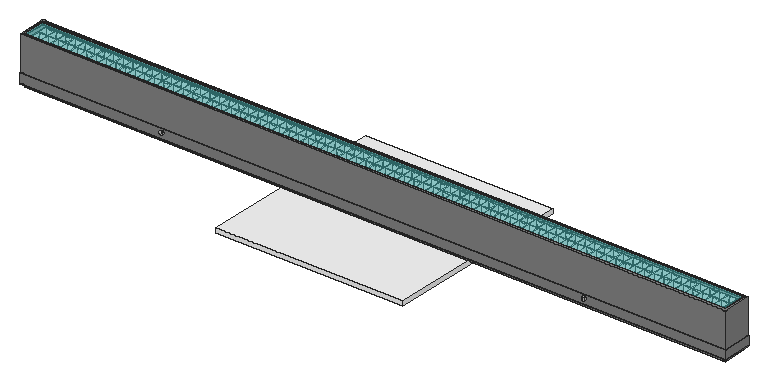
Revit family "BE_24311_de_DE", category Leuchten, Revit 2015
Parameters (values of type "BEGA_24311_Grafit_K4")
  built-in parameter 1150104 = 16.606 (stored number, unit not read)
  Wattage = 48 W
  Default Elevation = 0 mm
  built-in parameter 1150113 = 1 (stored number, unit not read)
  built-in parameter 1114218 = 1 (stored number, unit not read)
  Umgebungstemperatur = "25 °C"
  URL = "http://www.bega.de/produkt/24311"
  Typenkommentare = "© 2017 BEGA. Wir behalten uns das Recht vor, technische Änderungen ohne vorherige Ankündigung vorzunehmen."  # constant formula
  Type Image = 24311.png
  built-in parameter 1150134 = 12
  built-in parameter 1150109 = 1 (stored number, unit not read)
  Strom = ""
  built-in parameter 1150110 = 1 (stored number, unit not read)
  Spannung = 239.996 V
  Sonderanfertigung = no
  Seriennummer [instance] = "Hier können Sie die eindeutige Seriennummer für das Facility Management eintragen."
  Schutzklasse = "I"
  Schutzart = "IP 65"
  Scheinlast = 0 VA
  Produktdatenblatt = "http://www.bega.de/download/Xrfa/db/24311.db.de.pdf"
  Oberflächentemperatur = ""
  Neigungswinkel = 0.00°
  Modell = "24311K4"
  Material_17 = BEGA_Reflektor
  Material_15 = BEGA_Leuchtmedium_matt
  Material_11 = BEGA_Glas_opal
  Material_09 = BEGA_Glas_klar
  Material_06 = BEGA_Oberfläche_Edelstahl_gebürstet
  Material_05 = BEGA_Oberfläche_Aluminium Guss
  Material_03 = BEGA_Oberfläche_Weiss_matt
  Material_02 = BEGA_Oberfläche_Silber_matt
  Material_01 [instance] = BEGA_Oberfläche_Grafit_matt
  M_W = no
  M_G = yes
  M_A = no
  Logo = 0
  built-in parameter 1114217 = 1 (stored number, unit not read)
  built-in parameter 1150139 = (empty or 0)
  built-in parameter 1150105 = 682.77 (stored number, unit not read)
  built-in parameter 1150114 = 1 (stored number, unit not read)
  Lumens = 8580 lm
  built-in parameter 1150115 = 1 (stored number, unit not read)
  Leuchtenlichtstrom = "4808 lm"
  Leuchtenanzahl = ""
  Lebensdauerkriterien = "L70B50 @ 25 °C =  h"
  Lastklassifizierung = Beleuchtung
  built-in parameter 1150112 = 1 (stored number, unit not read)
  Lampenlichtstrom = "8580 lm"
  Lampe = "LED 48 W"
  LED_Modulbezeichnung = "LED-0772/840"
  built-in parameter 1150142 = (empty or 0)
  Hersteller = "BEGA"  # constant formula
  Halbstreuwinkel = ""
  Gewicht = ""
  Gebrauchslageneinschränkung [instance] = ""
  Frequenz = "0/50-60 Hz"
  Farbwiedergabeindex = "Ra > 80"
  Farbtemperaturverschiebung bei Dämpfen der Lampe = <Keine Auswahl>
  Farbtemperatur = "4000 K"
  Color Filter = 16777215
  built-in parameter 1150133 = 10 (stored number, unit not read)
  Energieeffizienzklasse = "LED A++ - A"
  built-in parameter 1150137 = (empty or 0)
  built-in parameter 1150132 = (empty or 0)
  ENEC = ""
  Dimmbar [instance] = "DALI"
  Datei für fotometrisches Netz = "BE_24311K4.IES"
  CE_Konformität = "ja"
  Bestellnummer = "24311K4"
  Beschreibung_Sonderanfertigung = "Hier können Sie Informationen zur Sonderanfertigung eintragen."
  Beschreibung = "Deckenaufbau-Tiefstrahler"
  built-in parameter 1150106 = 6.8277 (stored number, unit not read)
  Befestigungsbohrung = "Ø 7 mm"
  Befestigungsabstand = "1100 mm"
  Ballwurfsicher = ""
  BEGA_Intern_aus = yes
  BEGA_Intern_an = yes
  BEGA_Intern_Konstruktion = yes
  BEGA_Intern = yes
  BEGA_IES = yes
  BEGA_Dummy = no
  Anschlussleitung = ""
  Anschlussleistung [instance] = "55 W"
  Anschlusskasten = ""
  built-in parameter 1150107 = 4000 (stored number, unit not read)
  built-in parameter 1150102 = (empty or 0)
  built-in parameter 1150138 = (empty or 0)
  Aktualisierung = "2017-06-23T04:08:42"
  Abstand_zur_angestrahlten_Fläche [instance] = ""
  AC/DC = "AC/DC"
Types (2, lengths in mm): name | built-in parameter 1150104 | built-in parameter 1150134 | Modell | built-in parameter 1150105 | Lumens | Leuchtenlichtstrom | Lampenlichtstrom | LED_Modulbezeichnung | Farbtemperatur | Datei für fotometrisches Netz | Bestellnummer | built-in parameter 1150106 | built-in parameter 1150107
  BEGA_24311_Grafit_K4 | 16.606 (stored number, unit not read) | 12 | "24311K4" | 682.77 (stored number, unit not read) | 8580 lm | "4808 lm" | "8580 lm" | "LED-0772/840" | "4000 K" | "BE_24311K4.IES" | "24311K4" | 6.8277 (stored number, unit not read) | 4000 (stored number, unit not read)
  BEGA_24311_Grafit_K3 | 16.258 (stored number, unit not read) | (empty or 0) | "24311" | 668.45 (stored number, unit not read) | 8400 lm | "4707 lm" | "8400 lm" | "LED-0772/830" | "3000 K" | "BE_24311.IES" | "24311" | 6.6845 (stored number, unit not read) | 3000 (stored number, unit not read)
Reference planes
  plane 1 "Mitte (Vorne/Hinten)": y = 0
  plane 2: z = 0
  plane 3 "Mitte (Links/Rechts)": x = 0
  plane 4 "Links": x = -751.985
  plane 5 "Rechts": x = 751.985
  plane 6 "Unten": y = -30
  plane 7 "Oben": y = 30
  plane 8 "Vorne": z = 101
  plane 9 "Hinten": z = 0
Forms (mm)
  Extrusion 1, solid, material "BEGA_Platte_Weiss"
    sketch origin (0, -1119.2, 0) x (1, 0, 0) y (0, 1, 0)
      loop
        line (-200, 1319.2) -> (-200, 919.2) -> (200, 919.2) -> (200, 1319.2) -> (-200, 1319.2)
    from 0 to -10
  Extrusion 2, solid, material "BEGA_Dummy_matt", visible <- "BEGA_Dummy"
    sketch origin (80.095, -76.023, 0) x (1, 0, 0) y (0, 1, 0)
      loop
        line (-832.08, 106.023) -> (-832.08, 46.023) -> (671.889, 46.023) -> (671.889, 106.023) -> (-832.08, 106.023)
    from 0 to 101
Dimensions and locks
  plane 1 "Mitte (Vorne/Hinten)" to Extrusion 1 = 200 mm
  aligned and locked: plane 2 to Extrusion 1
  aligned and locked: level to Extrusion 1
Nested families
  nested 1: "BE_24311" at (0, 0, 0) x (-1, 0, 0) z (0, 0, 1), type "BE_24311"
Connectors
  electrical at (0, 0, 0), driven by "Lastklassifizierung", driven by "Spannung", driven by "Scheinlast"
    settings: index 1, voltage 239.996 V, apparent load 0 VA, apparent load phase1 0 VA, apparent load phase2 0 VA, apparent load phase3 0 VA, power factor 1, load classification "Beleuchtung", number of poles 1, system type 31, power factor state 1, is connector primary yes, connector utility no, sub classification motor no, connector description ""
Definition of nested family "BE_24311"
  Parameters (values of type "BE_24311")
    Default Elevation = 1 mm
    URL = "http://www.bega.de/de/produkt"
    Type Comments = "© 2015 BEGA. Wir behalten uns das Recht vor, technische Änderungen ohne vorherige Ankündigung vorzunehmen. "  # constant formula
    Type Image = (empty or 0)
    Neigungswinkel_um_Z2 = 0.00°
    Neigungswinkel_um_Z1 = 0.00°
    Neigungswinkel_um_Y2 = 0.00°
    Neigungswinkel_um_Y1 = 0.00°
    Neigungswinkel_um_X2 = 0.00°
    Neigungswinkel_um_X1 = 0.00°
    Material_17 = none
    Material_15 = none
    Material_11 = none
    Material_09 = none
    Material_06 = none
    Material_05 = none
    Material_03 = none
    Material_02 = none
    Material_01 = none
    M_W = yes
    M_G = yes
    M_A = yes
    Länge_Platte = 1700 mm  # constant formula
    Höhe_Platte = -10 mm  # constant formula
    Manufacturer = "BEGA"  # constant formula
    Drehwinkel_um_Z2 = 0.00°
    Drehwinkel_um_Z1 = 0.00°
    Breite_Platte = 200 mm  # constant formula
  Reference planes
    plane 1 "Mitte (Oben/Unten)": y = 0
    plane 2: z = 0
    plane 3 "Mitte (Links/Rechts)": x = 0
    plane 4: z = 101
    plane 5: y = 30
    plane 6: y = -30
    plane 7: x = -751.985
    plane 8: x = 751.985
  Forms (mm)
    Extrusion 1, solid, detail levels medium
      sketch origin (0, 0, 0) x (1, 0, 0) y (0, 1, 0)
        loop
          line (-850, 100) -> (-850, -100) -> (850, -100) -> (850, 100) -> (-850, 100)
      from 0 to -10 <- "Höhe_Platte"
    Extrusion 2, solid, material <- "Material_17", detail levels medium+fine
      sketch origin (0, 0, 0) x (1, 0, 0) y (0, 0, 1)
        loop
          line (-245.223, 94.045) -> (-238.903, 68.352) -> (-238.903, 70.445) -> (-245.2, 96.045) -> (-246.8, 96.045) -> (-253.097, 70.445) -> (-253.097, 68.352) -> (-246.777, 94.045) -> (-245.223, 94.045)
        loop
          line (-232.297, 68.352) -> (-225.977, 94.045) -> (-225.023, 94.045) -> (-218.703, 68.352) -> (-218.703, 70.445) -> (-225, 96.045) -> (-226, 96.045) -> (-232.297, 70.445) -> (-232.297, 68.352)
        loop
          line (-205.8, 96.045) -> (-212.097, 70.445) -> (-212.097, 68.352) -> (-205.777, 94.045) -> (-204.223, 94.045) -> (-197.903, 68.352) -> (-197.903, 70.445) -> (-204.2, 96.045) -> (-205.8, 96.045)
        loop
          line (-185, 96.045) -> (-191.297, 70.445) -> (-191.297, 68.352) -> (-184.977, 94.045) -> (-184.023, 94.045) -> (-177.703, 68.352) -> (-177.703, 70.445) -> (-184, 96.045) -> (-185, 96.045)
        loop
          line (-163.2, 96.045) -> (-164.8, 96.045) -> (-171.097, 70.445) -> (-171.097, 68.352) -> (-164.777, 94.045) -> (-163.223, 94.045) -> (-156.903, 68.352) -> (-156.903, 70.445) -> (-163.2, 96.045)
        loop
          line (-144, 96.045) -> (-150.297, 70.445) -> (-150.297, 68.352) -> (-143.977, 94.045) -> (-143.023, 94.045) -> (-136.703, 68.352) -> (-136.703, 70.445) -> (-143, 96.045) -> (-144, 96.045)
        loop
          line (-123.777, 94.045) -> (-122.223, 94.045) -> (-115.903, 68.352) -> (-115.903, 70.445) -> (-122.2, 96.045) -> (-123.8, 96.045) -> (-130.097, 70.445) -> (-130.097, 68.352) -> (-123.777, 94.045)
        loop
          line (-102, 96.045) -> (-103, 96.045) -> (-109.297, 70.445) -> (-109.297, 68.352) -> (-102.977, 94.045) -> (-102.023, 94.045) -> (-95.703, 68.352) -> (-95.703, 70.445) -> (-102, 96.045)
        loop
          line (-89.097, 68.352) -> (-82.777, 94.045) -> (-81.223, 94.045) -> (-74.903, 68.352) -> (-74.903, 70.445) -> (-81.2, 96.045) -> (-82.8, 96.045) -> (-89.097, 70.445) -> (-89.097, 68.352)
        loop
          line (-68.297, 68.352) -> (-61.977, 94.045) -> (-61.023, 94.045) -> (-54.703, 68.352) -> (-54.703, 70.445) -> (-61, 96.045) -> (-62, 96.045) -> (-68.297, 70.445) -> (-68.297, 68.352)
        loop
          line (-41.8, 96.045) -> (-48.097, 70.445) -> (-48.097, 68.352) -> (-41.777, 94.045) -> (-40.223, 94.045) -> (-33.903, 68.352) -> (-33.903, 70.445) -> (-40.2, 96.045) -> (-41.8, 96.045)
        loop
          line (-20.977, 94.045) -> (-20.023, 94.045) -> (-13.703, 68.352) -> (-13.703, 70.445) -> (-20, 96.045) -> (-21, 96.045) -> (-27.297, 70.445) -> (-27.297, 68.352) -> (-20.977, 94.045)
        loop
          line (0.8, 96.045) -> (-0.8, 96.045) -> (-7.097, 70.445) -> (-7.097, 68.352) -> (-0.777, 94.045) -> (0.777, 94.045) -> (7.097, 68.352) -> (7.097, 70.445) -> (0.8, 96.045)
        loop
          line (-286.223, 94.045) -> (-279.903, 68.352) -> (-279.903, 70.445) -> (-286.2, 96.045) -> (-287.8, 96.045) -> (-294.097, 70.445) -> (-294.097, 68.352) -> (-287.777, 94.045) -> (-286.223, 94.045)
        loop
          line (-273.297, 68.352) -> (-266.977, 94.045) -> (-266.023, 94.045) -> (-259.703, 68.352) -> (-259.703, 70.445) -> (-266, 96.045) -> (-267, 96.045) -> (-273.297, 70.445) -> (-273.297, 68.352)
        loop
          line (-327.223, 94.045) -> (-320.903, 68.352) -> (-320.903, 70.445) -> (-327.2, 96.045) -> (-328.8, 96.045) -> (-335.097, 70.445) -> (-335.097, 68.352) -> (-328.777, 94.045) -> (-327.223, 94.045)
        loop
          line (-314.297, 68.352) -> (-307.977, 94.045) -> (-307.023, 94.045) -> (-300.703, 68.352) -> (-300.703, 70.445) -> (-307, 96.045) -> (-308, 96.045) -> (-314.297, 70.445) -> (-314.297, 68.352)
        loop
          line (-368.223, 94.045) -> (-361.903, 68.352) -> (-361.903, 70.445) -> (-368.2, 96.045) -> (-369.8, 96.045) -> (-376.097, 70.445) -> (-376.097, 68.352) -> (-369.777, 94.045) -> (-368.223, 94.045)
        loop
          line (-355.297, 68.352) -> (-348.977, 94.045) -> (-348.023, 94.045) -> (-341.703, 68.352) -> (-341.703, 70.445) -> (-348, 96.045) -> (-349, 96.045) -> (-355.297, 70.445) -> (-355.297, 68.352)
        loop
          line (-409.223, 94.045) -> (-402.903, 68.352) -> (-402.903, 70.445) -> (-409.2, 96.045) -> (-410.8, 96.045) -> (-417.097, 70.445) -> (-417.097, 68.352) -> (-410.777, 94.045) -> (-409.223, 94.045)
        loop
          line (-396.297, 68.352) -> (-389.977, 94.045) -> (-389.023, 94.045) -> (-382.703, 68.352) -> (-382.703, 70.445) -> (-389, 96.045) -> (-390, 96.045) -> (-396.297, 70.445) -> (-396.297, 68.352)
        loop
          line (-450.223, 94.045) -> (-443.903, 68.352) -> (-443.903, 70.445) -> (-450.2, 96.045) -> (-451.8, 96.045) -> (-458.097, 70.445) -> (-458.097, 68.352) -> (-451.777, 94.045) -> (-450.223, 94.045)
        loop
          line (-437.297, 68.352) -> (-430.977, 94.045) -> (-430.023, 94.045) -> (-423.703, 68.352) -> (-423.703, 70.445) -> (-430, 96.045) -> (-431, 96.045) -> (-437.297, 70.445) -> (-437.297, 68.352)
        loop
          line (-491.223, 94.045) -> (-484.903, 68.352) -> (-484.903, 70.445) -> (-491.2, 96.045) -> (-492.8, 96.045) -> (-499.097, 70.445) -> (-499.097, 68.352) -> (-492.777, 94.045) -> (-491.223, 94.045)
        loop
          line (-478.297, 68.352) -> (-471.977, 94.045) -> (-471.023, 94.045) -> (-464.703, 68.352) -> (-464.703, 70.445) -> (-471, 96.045) -> (-472, 96.045) -> (-478.297, 70.445) -> (-478.297, 68.352)
        loop
          line (-738.5, 95.215) -> (-737.511, 95.215) -> (-730.903, 68.352) -> (-730.903, 70.445) -> (-737.2, 96.045) -> (-738.5, 96.045) -> (-738.5, 95.215)
        loop
          line (-532.223, 94.045) -> (-525.903, 68.352) -> (-525.903, 70.445) -> (-532.2, 96.045) -> (-533.8, 96.045) -> (-540.097, 70.445) -> (-540.097, 68.352) -> (-533.777, 94.045) -> (-532.223, 94.045)
        loop
          line (-519.297, 68.352) -> (-512.977, 94.045) -> (-512.023, 94.045) -> (-505.703, 68.352) -> (-505.703, 70.445) -> (-512, 96.045) -> (-513, 96.045) -> (-519.297, 70.445) -> (-519.297, 68.352)
        loop
          line (-573.223, 94.045) -> (-566.903, 68.352) -> (-566.903, 70.445) -> (-573.2, 96.045) -> (-574.8, 96.045) -> (-581.097, 70.445) -> (-581.097, 68.352) -> (-574.777, 94.045) -> (-573.223, 94.045)
        loop
          line (-560.297, 68.352) -> (-553.977, 94.045) -> (-553.023, 94.045) -> (-546.703, 68.352) -> (-546.703, 70.445) -> (-553, 96.045) -> (-554, 96.045) -> (-560.297, 70.445) -> (-560.297, 68.352)
        loop
          line (-614.223, 94.045) -> (-607.903, 68.352) -> (-607.903, 70.445) -> (-614.2, 96.045) -> (-615.8, 96.045) -> (-622.097, 70.445) -> (-622.097, 68.352) -> (-615.777, 94.045) -> (-614.223, 94.045)
        loop
          line (-601.297, 68.352) -> (-594.977, 94.045) -> (-594.023, 94.045) -> (-587.703, 68.352) -> (-587.703, 70.445) -> (-594, 96.045) -> (-595, 96.045) -> (-601.297, 70.445) -> (-601.297, 68.352)
        loop
          line (-655.223, 94.045) -> (-648.903, 68.352) -> (-648.903, 70.445) -> (-655.2, 96.045) -> (-656.8, 96.045) -> (-663.097, 70.445) -> (-663.097, 68.352) -> (-656.777, 94.045) -> (-655.223, 94.045)
        loop
          line (-642.297, 68.352) -> (-635.977, 94.045) -> (-635.023, 94.045) -> (-628.703, 68.352) -> (-628.703, 70.445) -> (-635, 96.045) -> (-636, 96.045) -> (-642.297, 70.445) -> (-642.297, 68.352)
        loop
          line (-696.223, 94.045) -> (-689.903, 68.352) -> (-689.903, 70.445) -> (-696.2, 96.045) -> (-697.8, 96.045) -> (-704.098, 70.445) -> (-704.098, 68.352) -> (-697.777, 94.045) -> (-696.223, 94.045)
        loop
          line (-683.297, 68.352) -> (-676.977, 94.045) -> (-676.023, 94.045) -> (-669.703, 68.352) -> (-669.703, 70.445) -> (-676, 96.045) -> (-677, 96.045) -> (-683.297, 70.445) -> (-683.297, 68.352)
        loop
          line (-724.298, 68.352) -> (-717.977, 94.045) -> (-717.023, 94.045) -> (-710.703, 68.352) -> (-710.703, 70.445) -> (-717, 96.045) -> (-718, 96.045) -> (-724.298, 70.445) -> (-724.298, 68.352)
        loop
          line (245.223, 94.045) -> (246.777, 94.045) -> (253.097, 68.352) -> (253.097, 70.445) -> (246.8, 96.045) -> (245.2, 96.045) -> (238.903, 70.445) -> (238.903, 68.352) -> (245.223, 94.045)
        loop
          line (232.297, 68.352) -> (232.297, 70.445) -> (226, 96.045) -> (225, 96.045) -> (218.703, 70.445) -> (218.703, 68.352) -> (225.023, 94.045) -> (225.977, 94.045) -> (232.297, 68.352)
        loop
          line (205.8, 96.045) -> (204.2, 96.045) -> (197.903, 70.445) -> (197.903, 68.352) -> (204.223, 94.045) -> (205.777, 94.045) -> (212.097, 68.352) -> (212.097, 70.445) -> (205.8, 96.045)
        loop
          line (185, 96.045) -> (184, 96.045) -> (177.703, 70.445) -> (177.703, 68.352) -> (184.023, 94.045) -> (184.977, 94.045) -> (191.297, 68.352) -> (191.297, 70.445) -> (185, 96.045)
        loop
          line (163.2, 96.045) -> (156.903, 70.445) -> (156.903, 68.352) -> (163.223, 94.045) -> (164.777, 94.045) -> (171.097, 68.352) -> (171.097, 70.445) -> (164.8, 96.045) -> (163.2, 96.045)
        loop
          line (144, 96.045) -> (143, 96.045) -> (136.703, 70.445) -> (136.703, 68.352) -> (143.023, 94.045) -> (143.977, 94.045) -> (150.297, 68.352) -> (150.297, 70.445) -> (144, 96.045)
        loop
          line (123.777, 94.045) -> (130.097, 68.352) -> (130.097, 70.445) -> (123.8, 96.045) -> (122.2, 96.045) -> (115.903, 70.445) -> (115.903, 68.352) -> (122.223, 94.045) -> (123.777, 94.045)
        loop
          line (102, 96.045) -> (95.703, 70.445) -> (95.703, 68.352) -> (102.023, 94.045) -> (102.977, 94.045) -> (109.297, 68.352) -> (109.297, 70.445) -> (103, 96.045) -> (102, 96.045)
        loop
          line (89.097, 68.352) -> (89.097, 70.445) -> (82.8, 96.045) -> (81.2, 96.045) -> (74.903, 70.445) -> (74.903, 68.352) -> (81.223, 94.045) -> (82.777, 94.045) -> (89.097, 68.352)
        loop
          line (68.297, 68.352) -> (68.297, 70.445) -> (62, 96.045) -> (61, 96.045) -> (54.703, 70.445) -> (54.703, 68.352) -> (61.023, 94.045) -> (61.977, 94.045) -> (68.297, 68.352)
        loop
          line (41.8, 96.045) -> (40.2, 96.045) -> (33.903, 70.445) -> (33.903, 68.352) -> (40.223, 94.045) -> (41.777, 94.045) -> (48.097, 68.352) -> (48.097, 70.445) -> (41.8, 96.045)
        loop
          line (20.977, 94.045) -> (27.297, 68.352) -> (27.297, 70.445) -> (21, 96.045) -> (20, 96.045) -> (13.703, 70.445) -> (13.703, 68.352) -> (20.023, 94.045) -> (20.977, 94.045)
        loop
          line (286.223, 94.045) -> (287.777, 94.045) -> (294.097, 68.352) -> (294.097, 70.445) -> (287.8, 96.045) -> (286.2, 96.045) -> (279.903, 70.445) -> (279.903, 68.352) -> (286.223, 94.045)
        loop
          line (273.297, 68.352) -> (273.297, 70.445) -> (267, 96.045) -> (266, 96.045) -> (259.703, 70.445) -> (259.703, 68.352) -> (266.023, 94.045) -> (266.977, 94.045) -> (273.297, 68.352)
        loop
          line (327.223, 94.045) -> (328.777, 94.045) -> (335.097, 68.352) -> (335.097, 70.445) -> (328.8, 96.045) -> (327.2, 96.045) -> (320.903, 70.445) -> (320.903, 68.352) -> (327.223, 94.045)
        loop
          line (314.297, 68.352) -> (314.297, 70.445) -> (308, 96.045) -> (307, 96.045) -> (300.703, 70.445) -> (300.703, 68.352) -> (307.023, 94.045) -> (307.977, 94.045) -> (314.297, 68.352)
        loop
          line (368.223, 94.045) -> (369.777, 94.045) -> (376.097, 68.352) -> (376.097, 70.445) -> (369.8, 96.045) -> (368.2, 96.045) -> (361.903, 70.445) -> (361.903, 68.352) -> (368.223, 94.045)
        loop
          line (355.297, 68.352) -> (355.297, 70.445) -> (349, 96.045) -> (348, 96.045) -> (341.703, 70.445) -> (341.703, 68.352) -> (348.023, 94.045) -> (348.977, 94.045) -> (355.297, 68.352)
        loop
          line (409.223, 94.045) -> (410.777, 94.045) -> (417.097, 68.352) -> (417.097, 70.445) -> (410.8, 96.045) -> (409.2, 96.045) -> (402.903, 70.445) -> (402.903, 68.352) -> (409.223, 94.045)
        loop
          line (396.297, 68.352) -> (396.297, 70.445) -> (390, 96.045) -> (389, 96.045) -> (382.703, 70.445) -> (382.703, 68.352) -> (389.023, 94.045) -> (389.977, 94.045) -> (396.297, 68.352)
        loop
          line (450.223, 94.045) -> (451.777, 94.045) -> (458.097, 68.352) -> (458.097, 70.445) -> (451.8, 96.045) -> (450.2, 96.045) -> (443.903, 70.445) -> (443.903, 68.352) -> (450.223, 94.045)
        loop
          line (437.297, 68.352) -> (437.297, 70.445) -> (431, 96.045) -> (430, 96.045) -> (423.703, 70.445) -> (423.703, 68.352) -> (430.023, 94.045) -> (430.977, 94.045) -> (437.297, 68.352)
        loop
          line (491.223, 94.045) -> (492.777, 94.045) -> (499.097, 68.352) -> (499.097, 70.445) -> (492.8, 96.045) -> (491.2, 96.045) -> (484.903, 70.445) -> (484.903, 68.352) -> (491.223, 94.045)
        loop
          line (478.297, 68.352) -> (478.297, 70.445) -> (472, 96.045) -> (471, 96.045) -> (464.703, 70.445) -> (464.703, 68.352) -> (471.023, 94.045) -> (471.977, 94.045) -> (478.297, 68.352)
        loop
          line (738.5, 95.215) -> (738.5, 96.045) -> (737.2, 96.045) -> (730.903, 70.445) -> (730.903, 68.352) -> (737.511, 95.215) -> (738.5, 95.215)
        loop
          line (532.223, 94.045) -> (533.777, 94.045) -> (540.097, 68.352) -> (540.097, 70.445) -> (533.8, 96.045) -> (532.2, 96.045) -> (525.903, 70.445) -> (525.903, 68.352) -> (532.223, 94.045)
        loop
          line (519.297, 68.352) -> (519.297, 70.445) -> (513, 96.045) -> (512, 96.045) -> (505.703, 70.445) -> (505.703, 68.352) -> (512.023, 94.045) -> (512.977, 94.045) -> (519.297, 68.352)
        loop
          line (573.223, 94.045) -> (574.777, 94.045) -> (581.097, 68.352) -> (581.097, 70.445) -> (574.8, 96.045) -> (573.2, 96.045) -> (566.903, 70.445) -> (566.903, 68.352) -> (573.223, 94.045)
        loop
          line (560.297, 68.352) -> (560.297, 70.445) -> (554, 96.045) -> (553, 96.045) -> (546.703, 70.445) -> (546.703, 68.352) -> (553.023, 94.045) -> (553.977, 94.045) -> (560.297, 68.352)
        loop
          line (614.223, 94.045) -> (615.777, 94.045) -> (622.097, 68.352) -> (622.097, 70.445) -> (615.8, 96.045) -> (614.2, 96.045) -> (607.903, 70.445) -> (607.903, 68.352) -> (614.223, 94.045)
        loop
          line (601.297, 68.352) -> (601.297, 70.445) -> (595, 96.045) -> (594, 96.045) -> (587.703, 70.445) -> (587.703, 68.352) -> (594.023, 94.045) -> (594.977, 94.045) -> (601.297, 68.352)
        loop
          line (655.223, 94.045) -> (656.777, 94.045) -> (663.097, 68.352) -> (663.097, 70.445) -> (656.8, 96.045) -> (655.2, 96.045) -> (648.903, 70.445) -> (648.903, 68.352) -> (655.223, 94.045)
        loop
          line (642.297, 68.352) -> (642.297, 70.445) -> (636, 96.045) -> (635, 96.045) -> (628.703, 70.445) -> (628.703, 68.352) -> (635.023, 94.045) -> (635.977, 94.045) -> (642.297, 68.352)
        loop
          line (696.223, 94.045) -> (697.777, 94.045) -> (704.098, 68.352) -> (704.098, 70.445) -> (697.8, 96.045) -> (696.2, 96.045) -> (689.903, 70.445) -> (689.903, 68.352) -> (696.223, 94.045)
        loop
          line (683.297, 68.352) -> (683.297, 70.445) -> (677, 96.045) -> (676, 96.045) -> (669.703, 70.445) -> (669.703, 68.352) -> (676.023, 94.045) -> (676.977, 94.045) -> (683.297, 68.352)
        loop
          line (724.298, 68.352) -> (724.298, 70.445) -> (718, 96.045) -> (717, 96.045) -> (710.703, 70.445) -> (710.703, 68.352) -> (717.023, 94.045) -> (717.977, 94.045) -> (724.298, 68.352)
      from -21 to 21
    Extrusion 3, solid, material <- "Material_17", detail levels medium+fine
      sketch origin (0, 0, 0) x (0, 1, 0) y (0, 0, 1)
        loop
          line (20.011, 95.215) -> (21.642, 95.215) -> (21.642, 96.045) -> (19.7, 96.045) -> (13.403, 70.445) -> (13.403, 68.352) -> (20.011, 95.215)
        loop
          line (6.797, 68.352) -> (6.797, 70.445) -> (0.5, 96.045) -> (-0.5, 96.045) -> (-6.797, 70.445) -> (-6.797, 68.352) -> (-0.477, 94.045) -> (0.477, 94.045) -> (6.797, 68.352)
        loop
          line (-19.7, 96.045) -> (-21.486, 96.045) -> (-21.486, 95.215) -> (-20.011, 95.215) -> (-13.403, 68.352) -> (-13.403, 70.445) -> (-19.7, 96.045)
      from -738.5 to 738.5
    Sweep 4, solid, material <- "Material_01", detail levels medium+fine
      path origin (0, 0, 0) x (1, 0, 0) y (0, 1, 0)
        loop
          line (-752, 30) -> (-752, -30) -> (752, -30) -> (752, 30) -> (-752, 30)
      profile origin (0, 30, 0) x (0, 1, 0) y (0, 0, 1)
        loop
          line (-0.5, 101) -> (-3.044, 101) -> (-4.682, 96.5) -> (-8, 96.5) -> (-8, 94) -> (-2.8, 94) -> (-2.8, 26) -> (-0.5, 26)
          arc (-0.5, 26) -> (-0.146, 26.146) -> (0, 26.5) r 0.5
          line (0, 26.5) -> (0, 100.5)
          arc (0, 100.5) -> (-0.146, 100.854) -> (-0.5, 101) r 0.5
    Extrusion 5, solid, material <- "Material_01", detail levels medium+fine
      sketch origin (0, 0, 0) x (1, 0, 0) y (0, 0, 1)
        loop
          line (738.5, 94) -> (744, 94) -> (744, 96.5) -> (738.5, 96.5) -> (738.5, 94)
        loop
          line (-738.5, 94) -> (-738.5, 96.5) -> (-744, 96.5) -> (-744, 94) -> (-738.5, 94)
      from -22.05 to 22.05
    Extrusion 6, solid, material <- "Material_09", detail levels medium+fine
      sketch origin (0, 0, 0) x (0, 1, 0) y (0, 0, 1)
        loop
          line (25, 96.7) -> (25, 100.7) -> (-25, 100.7) -> (-25, 96.7) -> (25, 96.7)
      from -747 to 747
    Extrusion 7, solid, material <- "Material_15", detail levels medium+fine
      sketch origin (0, 0, 0) x (1, 0, 0) y (0, 1, 0)
        loop
          line (-237, 11.5) -> (-237, 8.5) -> (-234, 8.5) -> (-234, 11.5) -> (-237, 11.5)
        loop
          line (-217, 11.5) -> (-217, 8.5) -> (-214, 8.5) -> (-214, 11.5) -> (-217, 11.5)
        loop
          line (-196, 11.5) -> (-196, 8.5) -> (-193, 8.5) -> (-193, 11.5) -> (-196, 11.5)
        loop
          line (-176, 11.5) -> (-176, 8.5) -> (-173, 8.5) -> (-173, 11.5) -> (-176, 11.5)
        loop
          line (-155, 11.5) -> (-155, 8.5) -> (-152, 8.5) -> (-152, 11.5) -> (-155, 11.5)
        loop
          line (-135, 11.5) -> (-135, 8.5) -> (-132, 8.5) -> (-132, 11.5) -> (-135, 11.5)
        loop
          line (-114, 11.5) -> (-114, 8.5) -> (-111, 8.5) -> (-111, 11.5) -> (-114, 11.5)
        loop
          line (-94, 11.5) -> (-94, 8.5) -> (-91, 8.5) -> (-91, 11.5) -> (-94, 11.5)
        loop
          line (-73, 11.5) -> (-73, 8.5) -> (-70, 8.5) -> (-70, 11.5) -> (-73, 11.5)
        loop
          line (-53, 11.5) -> (-53, 8.5) -> (-50, 8.5) -> (-50, 11.5) -> (-53, 11.5)
        loop
          line (-32, 11.5) -> (-32, 8.5) -> (-29, 8.5) -> (-29, 11.5) -> (-32, 11.5)
        loop
          line (-12, 11.5) -> (-12, 8.5) -> (-9, 8.5) -> (-9, 11.5) -> (-12, 11.5)
        loop
          line (-237, -11.5) -> (-234, -11.5) -> (-234, -8.5) -> (-237, -8.5) -> (-237, -11.5)
        loop
          line (-217, -11.5) -> (-214, -11.5) -> (-214, -8.5) -> (-217, -8.5) -> (-217, -11.5)
        loop
          line (-196, -11.5) -> (-193, -11.5) -> (-193, -8.5) -> (-196, -8.5) -> (-196, -11.5)
        loop
          line (-176, -11.5) -> (-173, -11.5) -> (-173, -8.5) -> (-176, -8.5) -> (-176, -11.5)
        loop
          line (-155, -11.5) -> (-152, -11.5) -> (-152, -8.5) -> (-155, -8.5) -> (-155, -11.5)
        loop
          line (-135, -11.5) -> (-132, -11.5) -> (-132, -8.5) -> (-135, -8.5) -> (-135, -11.5)
        loop
          line (-114, -11.5) -> (-111, -11.5) -> (-111, -8.5) -> (-114, -8.5) -> (-114, -11.5)
        loop
          line (-94, -11.5) -> (-91, -11.5) -> (-91, -8.5) -> (-94, -8.5) -> (-94, -11.5)
        loop
          line (-73, -11.5) -> (-70, -11.5) -> (-70, -8.5) -> (-73, -8.5) -> (-73, -11.5)
        loop
          line (-53, -11.5) -> (-50, -11.5) -> (-50, -8.5) -> (-53, -8.5) -> (-53, -11.5)
        loop
          line (-32, -11.5) -> (-29, -11.5) -> (-29, -8.5) -> (-32, -8.5) -> (-32, -11.5)
        loop
          line (-12, -11.5) -> (-9, -11.5) -> (-9, -8.5) -> (-12, -8.5) -> (-12, -11.5)
        loop
          line (237, 11.5) -> (234, 11.5) -> (234, 8.5) -> (237, 8.5) -> (237, 11.5)
        loop
          line (217, 11.5) -> (214, 11.5) -> (214, 8.5) -> (217, 8.5) -> (217, 11.5)
        loop
          line (196, 11.5) -> (193, 11.5) -> (193, 8.5) -> (196, 8.5) -> (196, 11.5)
        loop
          line (176, 11.5) -> (173, 11.5) -> (173, 8.5) -> (176, 8.5) -> (176, 11.5)
        loop
          line (155, 11.5) -> (152, 11.5) -> (152, 8.5) -> (155, 8.5) -> (155, 11.5)
        loop
          line (135, 11.5) -> (132, 11.5) -> (132, 8.5) -> (135, 8.5) -> (135, 11.5)
        loop
          line (114, 11.5) -> (111, 11.5) -> (111, 8.5) -> (114, 8.5) -> (114, 11.5)
        loop
          line (94, 11.5) -> (91, 11.5) -> (91, 8.5) -> (94, 8.5) -> (94, 11.5)
        loop
          line (73, 11.5) -> (70, 11.5) -> (70, 8.5) -> (73, 8.5) -> (73, 11.5)
        loop
          line (53, 11.5) -> (50, 11.5) -> (50, 8.5) -> (53, 8.5) -> (53, 11.5)
        loop
          line (32, 11.5) -> (29, 11.5) -> (29, 8.5) -> (32, 8.5) -> (32, 11.5)
        loop
          line (12, 11.5) -> (9, 11.5) -> (9, 8.5) -> (12, 8.5) -> (12, 11.5)
        loop
          line (237, -11.5) -> (237, -8.5) -> (234, -8.5) -> (234, -11.5) -> (237, -11.5)
        loop
          line (217, -11.5) -> (217, -8.5) -> (214, -8.5) -> (214, -11.5) -> (217, -11.5)
        loop
          line (196, -11.5) -> (196, -8.5) -> (193, -8.5) -> (193, -11.5) -> (196, -11.5)
        loop
          line (176, -11.5) -> (176, -8.5) -> (173, -8.5) -> (173, -11.5) -> (176, -11.5)
        loop
          line (155, -11.5) -> (155, -8.5) -> (152, -8.5) -> (152, -11.5) -> (155, -11.5)
        loop
          line (135, -11.5) -> (135, -8.5) -> (132, -8.5) -> (132, -11.5) -> (135, -11.5)
        loop
          line (114, -11.5) -> (114, -8.5) -> (111, -8.5) -> (111, -11.5) -> (114, -11.5)
        loop
          line (94, -11.5) -> (94, -8.5) -> (91, -8.5) -> (91, -11.5) -> (94, -11.5)
        loop
          line (73, -11.5) -> (73, -8.5) -> (70, -8.5) -> (70, -11.5) -> (73, -11.5)
        loop
          line (53, -11.5) -> (53, -8.5) -> (50, -8.5) -> (50, -11.5) -> (53, -11.5)
        loop
          line (32, -11.5) -> (32, -8.5) -> (29, -8.5) -> (29, -11.5) -> (32, -11.5)
        loop
          line (12, -11.5) -> (12, -8.5) -> (9, -8.5) -> (9, -11.5) -> (12, -11.5)
        loop
          line (-482.985, 11.5) -> (-482.985, 8.5) -> (-479.985, 8.5) -> (-479.985, 11.5) -> (-482.985, 11.5)
        loop
          line (-462.985, 11.5) -> (-462.985, 8.5) -> (-459.985, 8.5) -> (-459.985, 11.5) -> (-462.985, 11.5)
        loop
          line (-441.985, 11.5) -> (-441.985, 8.5) -> (-438.985, 8.5) -> (-438.985, 11.5) -> (-441.985, 11.5)
        loop
          line (-421.985, 11.5) -> (-421.985, 8.5) -> (-418.985, 8.5) -> (-418.985, 11.5) -> (-421.985, 11.5)
        loop
          line (-400.985, 11.5) -> (-400.985, 8.5) -> (-397.985, 8.5) -> (-397.985, 11.5) -> (-400.985, 11.5)
        loop
          line (-380.985, 11.5) -> (-380.985, 8.5) -> (-377.985, 8.5) -> (-377.985, 11.5) -> (-380.985, 11.5)
        loop
          line (-359.985, 11.5) -> (-359.985, 8.5) -> (-356.985, 8.5) -> (-356.985, 11.5) -> (-359.985, 11.5)
        loop
          line (-339.985, 11.5) -> (-339.985, 8.5) -> (-336.985, 8.5) -> (-336.985, 11.5) -> (-339.985, 11.5)
        loop
          line (-318.985, 11.5) -> (-318.985, 8.5) -> (-315.985, 8.5) -> (-315.985, 11.5) -> (-318.985, 11.5)
        loop
          line (-298.985, 11.5) -> (-298.985, 8.5) -> (-295.985, 8.5) -> (-295.985, 11.5) -> (-298.985, 11.5)
        loop
          line (-277.985, 11.5) -> (-277.985, 8.5) -> (-274.985, 8.5) -> (-274.985, 11.5) -> (-277.985, 11.5)
        loop
          line (-257.985, 11.5) -> (-257.985, 8.5) -> (-254.985, 8.5) -> (-254.985, 11.5) -> (-257.985, 11.5)
        loop
          line (-482.985, -11.5) -> (-479.985, -11.5) -> (-479.985, -8.5) -> (-482.985, -8.5) -> (-482.985, -11.5)
        loop
          line (-462.985, -11.5) -> (-459.985, -11.5) -> (-459.985, -8.5) -> (-462.985, -8.5) -> (-462.985, -11.5)
        loop
          line (-441.985, -11.5) -> (-438.985, -11.5) -> (-438.985, -8.5) -> (-441.985, -8.5) -> (-441.985, -11.5)
        loop
          line (-421.985, -11.5) -> (-418.985, -11.5) -> (-418.985, -8.5) -> (-421.985, -8.5) -> (-421.985, -11.5)
        loop
          line (-400.985, -11.5) -> (-397.985, -11.5) -> (-397.985, -8.5) -> (-400.985, -8.5) -> (-400.985, -11.5)
        loop
          line (-380.985, -11.5) -> (-377.985, -11.5) -> (-377.985, -8.5) -> (-380.985, -8.5) -> (-380.985, -11.5)
        loop
          line (-359.985, -11.5) -> (-356.985, -11.5) -> (-356.985, -8.5) -> (-359.985, -8.5) -> (-359.985, -11.5)
        loop
          line (-339.985, -11.5) -> (-336.985, -11.5) -> (-336.985, -8.5) -> (-339.985, -8.5) -> (-339.985, -11.5)
        loop
          line (-318.985, -11.5) -> (-315.985, -11.5) -> (-315.985, -8.5) -> (-318.985, -8.5) -> (-318.985, -11.5)
        loop
          line (-298.985, -11.5) -> (-295.985, -11.5) -> (-295.985, -8.5) -> (-298.985, -8.5) -> (-298.985, -11.5)
        loop
          line (-277.985, -11.5) -> (-274.985, -11.5) -> (-274.985, -8.5) -> (-277.985, -8.5) -> (-277.985, -11.5)
        loop
          line (-257.985, -11.5) -> (-254.985, -11.5) -> (-254.985, -8.5) -> (-257.985, -8.5) -> (-257.985, -11.5)
        loop
          line (483, 11.5) -> (480, 11.5) -> (480, 8.5) -> (483, 8.5) -> (483, 11.5)
        loop
          line (463, 11.5) -> (460, 11.5) -> (460, 8.5) -> (463, 8.5) -> (463, 11.5)
        loop
          line (442, 11.5) -> (439, 11.5) -> (439, 8.5) -> (442, 8.5) -> (442, 11.5)
        loop
          line (422, 11.5) -> (419, 11.5) -> (419, 8.5) -> (422, 8.5) -> (422, 11.5)
        loop
          line (401, 11.5) -> (398, 11.5) -> (398, 8.5) -> (401, 8.5) -> (401, 11.5)
        loop
          line (381, 11.5) -> (378, 11.5) -> (378, 8.5) -> (381, 8.5) -> (381, 11.5)
        loop
          line (360, 11.5) -> (357, 11.5) -> (357, 8.5) -> (360, 8.5) -> (360, 11.5)
        loop
          line (340, 11.5) -> (337, 11.5) -> (337, 8.5) -> (340, 8.5) -> (340, 11.5)
        loop
          line (319, 11.5) -> (316, 11.5) -> (316, 8.5) -> (319, 8.5) -> (319, 11.5)
        loop
          line (299, 11.5) -> (296, 11.5) -> (296, 8.5) -> (299, 8.5) -> (299, 11.5)
        loop
          line (278, 11.5) -> (275, 11.5) -> (275, 8.5) -> (278, 8.5) -> (278, 11.5)
        loop
          line (258, 11.5) -> (255, 11.5) -> (255, 8.5) -> (258, 8.5) -> (258, 11.5)
        loop
          line (483, -11.5) -> (483, -8.5) -> (480, -8.5) -> (480, -11.5) -> (483, -11.5)
        loop
          line (463, -11.5) -> (463, -8.5) -> (460, -8.5) -> (460, -11.5) -> (463, -11.5)
        loop
          line (442, -11.5) -> (442, -8.5) -> (439, -8.5) -> (439, -11.5) -> (442, -11.5)
        loop
          line (422, -11.5) -> (422, -8.5) -> (419, -8.5) -> (419, -11.5) -> (422, -11.5)
        loop
          line (401, -11.5) -> (401, -8.5) -> (398, -8.5) -> (398, -11.5) -> (401, -11.5)
        loop
          line (381, -11.5) -> (381, -8.5) -> (378, -8.5) -> (378, -11.5) -> (381, -11.5)
        loop
          line (360, -11.5) -> (360, -8.5) -> (357, -8.5) -> (357, -11.5) -> (360, -11.5)
        loop
          line (340, -11.5) -> (340, -8.5) -> (337, -8.5) -> (337, -11.5) -> (340, -11.5)
        loop
          line (319, -11.5) -> (319, -8.5) -> (316, -8.5) -> (316, -11.5) -> (319, -11.5)
        loop
          line (299, -11.5) -> (299, -8.5) -> (296, -8.5) -> (296, -11.5) -> (299, -11.5)
        loop
          line (278, -11.5) -> (278, -8.5) -> (275, -8.5) -> (275, -11.5) -> (278, -11.5)
        loop
          line (258, -11.5) -> (258, -8.5) -> (255, -8.5) -> (255, -11.5) -> (258, -11.5)
        loop
          line (-729, 11.5) -> (-729, 8.5) -> (-726, 8.5) -> (-726, 11.5) -> (-729, 11.5)
        loop
          line (-709, 11.5) -> (-709, 8.5) -> (-706, 8.5) -> (-706, 11.5) -> (-709, 11.5)
        loop
          line (-688, 11.5) -> (-688, 8.5) -> (-685, 8.5) -> (-685, 11.5) -> (-688, 11.5)
        loop
          line (-668, 11.5) -> (-668, 8.5) -> (-665, 8.5) -> (-665, 11.5) -> (-668, 11.5)
        loop
          line (-647, 11.5) -> (-647, 8.5) -> (-644, 8.5) -> (-644, 11.5) -> (-647, 11.5)
        loop
          line (-627, 11.5) -> (-627, 8.5) -> (-624, 8.5) -> (-624, 11.5) -> (-627, 11.5)
        loop
          line (-606, 11.5) -> (-606, 8.5) -> (-603, 8.5) -> (-603, 11.5) -> (-606, 11.5)
        loop
          line (-586, 11.5) -> (-586, 8.5) -> (-583, 8.5) -> (-583, 11.5) -> (-586, 11.5)
        loop
          line (-565, 11.5) -> (-565, 8.5) -> (-562, 8.5) -> (-562, 11.5) -> (-565, 11.5)
        loop
          line (-545, 11.5) -> (-545, 8.5) -> (-542, 8.5) -> (-542, 11.5) -> (-545, 11.5)
        loop
          line (-524, 11.5) -> (-524, 8.5) -> (-521, 8.5) -> (-521, 11.5) -> (-524, 11.5)
        loop
          line (-504, 11.5) -> (-504, 8.5) -> (-501, 8.5) -> (-501, 11.5) -> (-504, 11.5)
        loop
          line (-729, -11.5) -> (-726, -11.5) -> (-726, -8.5) -> (-729, -8.5) -> (-729, -11.5)
        loop
          line (-709, -11.5) -> (-706, -11.5) -> (-706, -8.5) -> (-709, -8.5) -> (-709, -11.5)
        loop
          line (-688, -11.5) -> (-685, -11.5) -> (-685, -8.5) -> (-688, -8.5) -> (-688, -11.5)
        loop
          line (-668, -11.5) -> (-665, -11.5) -> (-665, -8.5) -> (-668, -8.5) -> (-668, -11.5)
        loop
          line (-647, -11.5) -> (-644, -11.5) -> (-644, -8.5) -> (-647, -8.5) -> (-647, -11.5)
        loop
          line (-627, -11.5) -> (-624, -11.5) -> (-624, -8.5) -> (-627, -8.5) -> (-627, -11.5)
        loop
          line (-606, -11.5) -> (-603, -11.5) -> (-603, -8.5) -> (-606, -8.5) -> (-606, -11.5)
        loop
          line (-586, -11.5) -> (-583, -11.5) -> (-583, -8.5) -> (-586, -8.5) -> (-586, -11.5)
        loop
          line (-565, -11.5) -> (-562, -11.5) -> (-562, -8.5) -> (-565, -8.5) -> (-565, -11.5)
        loop
          line (-545, -11.5) -> (-542, -11.5) -> (-542, -8.5) -> (-545, -8.5) -> (-545, -11.5)
        loop
          line (-524, -11.5) -> (-521, -11.5) -> (-521, -8.5) -> (-524, -8.5) -> (-524, -11.5)
        loop
          line (-504, -11.5) -> (-501, -11.5) -> (-501, -8.5) -> (-504, -8.5) -> (-504, -11.5)
        loop
          line (729, 11.5) -> (726, 11.5) -> (726, 8.5) -> (729, 8.5) -> (729, 11.5)
        loop
          line (709, 11.5) -> (706, 11.5) -> (706, 8.5) -> (709, 8.5) -> (709, 11.5)
        loop
          line (688, 11.5) -> (685, 11.5) -> (685, 8.5) -> (688, 8.5) -> (688, 11.5)
        loop
          line (668, 11.5) -> (665, 11.5) -> (665, 8.5) -> (668, 8.5) -> (668, 11.5)
        loop
          line (647, 11.5) -> (644, 11.5) -> (644, 8.5) -> (647, 8.5) -> (647, 11.5)
        loop
          line (627, 11.5) -> (624, 11.5) -> (624, 8.5) -> (627, 8.5) -> (627, 11.5)
        loop
          line (606, 11.5) -> (603, 11.5) -> (603, 8.5) -> (606, 8.5) -> (606, 11.5)
        loop
          line (586, 11.5) -> (583, 11.5) -> (583, 8.5) -> (586, 8.5) -> (586, 11.5)
        loop
          line (565, 11.5) -> (562, 11.5) -> (562, 8.5) -> (565, 8.5) -> (565, 11.5)
        loop
          line (545, 11.5) -> (542, 11.5) -> (542, 8.5) -> (545, 8.5) -> (545, 11.5)
        loop
          line (524, 11.5) -> (521, 11.5) -> (521, 8.5) -> (524, 8.5) -> (524, 11.5)
        loop
          line (504, 11.5) -> (501, 11.5) -> (501, 8.5) -> (504, 8.5) -> (504, 11.5)
        loop
          line (729, -11.5) -> (729, -8.5) -> (726, -8.5) -> (726, -11.5) -> (729, -11.5)
        loop
          line (709, -11.5) -> (709, -8.5) -> (706, -8.5) -> (706, -11.5) -> (709, -11.5)
        loop
          line (688, -11.5) -> (688, -8.5) -> (685, -8.5) -> (685, -11.5) -> (688, -11.5)
        loop
          line (668, -11.5) -> (668, -8.5) -> (665, -8.5) -> (665, -11.5) -> (668, -11.5)
        loop
          line (647, -11.5) -> (647, -8.5) -> (644, -8.5) -> (644, -11.5) -> (647, -11.5)
        loop
          line (627, -11.5) -> (627, -8.5) -> (624, -8.5) -> (624, -11.5) -> (627, -11.5)
        loop
          line (606, -11.5) -> (606, -8.5) -> (603, -8.5) -> (603, -11.5) -> (606, -11.5)
        loop
          line (586, -11.5) -> (586, -8.5) -> (583, -8.5) -> (583, -11.5) -> (586, -11.5)
        loop
          line (565, -11.5) -> (565, -8.5) -> (562, -8.5) -> (562, -11.5) -> (565, -11.5)
        loop
          line (545, -11.5) -> (545, -8.5) -> (542, -8.5) -> (542, -11.5) -> (545, -11.5)
        loop
          line (524, -11.5) -> (524, -8.5) -> (521, -8.5) -> (521, -11.5) -> (524, -11.5)
        loop
          line (504, -11.5) -> (504, -8.5) -> (501, -8.5) -> (501, -11.5) -> (504, -11.5)
      from 70 to 69.119
    Sweep 8, solid, material <- "Material_01", detail levels medium+fine
      path origin (0, 0, 0) x (1, 0, 0) y (0, 1, 0)
        loop
          line (752, 30) -> (-752, 30) -> (-752, -30) -> (752, -30) -> (752, 30)
      profile origin (0, 30, 0) x (0, -1, 0) y (0, 0, 1)
        loop
          arc (0, 6.5) -> (0.146, 6.146) -> (0.5, 6) r 0.5
          line (0.5, 6) -> (5, 6) -> (5, 0) -> (25, 0) -> (25, 10) -> (4, 10) -> (4, 26) -> (0, 26) -> (0, 6.5)
    Extrusion 9, solid, material <- "Material_01", detail levels medium+fine
      sketch origin (0, 0, 0) x (0, 1, 0) y (0, 0, 1)
        loop
          line (5, 10) -> (-5, 10) -> (-5, 0) -> (5, 0) -> (5, 10)
      from 727 to -729.656
    Extrusion 10, void
      sketch origin (0, 0, 0) x (1, 0, 0) y (0, 1, 0)
        loop
          arc (-75, 20) -> (-95, 0) -> (-75, -20) r 20
          line (-75, -20) -> (75, -20)
          arc (75, -20) -> (95, 0) -> (75, 20) r 20
          line (75, 20) -> (-75, 20)
        loop
          arc (545, 3.5) -> (541.5, 0) -> (545, -3.5) r 3.5
          line (545, -3.5) -> (555, -3.5)
          arc (555, -3.5) -> (558.5, 0) -> (555, 3.5) r 3.5
          line (555, 3.5) -> (545, 3.5)
        loop
          arc (-553.5, -5) -> (-550, -8.5) -> (-546.5, -5) r 3.5
          line (-546.5, -5) -> (-546.5, 5)
          arc (-546.5, 5) -> (-550, 8.5) -> (-553.5, 5) r 3.5
          line (-553.5, 5) -> (-553.5, -5)
      from 11.948 to -0.793
    Revolve 11, solid, material <- "Material_06", detail levels fine
      sketch origin (-450, 0, 0) x (0, 1, 0) y (0, 0, 1)
        loop
          line (30, 22.75) -> (30, 18.8) -> (32.2, 18.8) -> (32.2, 22.75) -> (30, 22.75)
        axis (30, 18.8) -> (32.2, 18.8)
      angle from 0 to 360
    Revolve 12, solid, material <- "Material_06", detail levels fine
      sketch origin (450, 0, 0) x (0, 1, 0) y (0, 0, -1)
        loop
          line (30, -22.75) -> (32.2, -22.75) -> (32.2, -18.8) -> (30, -18.8) -> (30, -22.75)
        axis (30, -18.8) -> (32.2, -18.8)
      angle from 0 to 360
  Cuts and joins
    joined: Extrusion 2, Extrusion 3
    joined: Sweep 4, Extrusion 5
    Extrusion 10 cuts Sweep 8
    Extrusion 10 cuts Extrusion 9
    joined: Sweep 8, Extrusion 9
  Dimensions and locks
    equal spacing: Extrusion 1 sketch curve, plane 3 "Mitte (Links/Rechts)", Extrusion 1 sketch curve
    equal spacing: Extrusion 1 sketch curve, plane 1 "Mitte (Oben/Unten)", Extrusion 1 sketch curve
    "Länge_Platte": Extrusion 1 sketch curve to Extrusion 1 sketch curve
    "Breite_Platte": Extrusion 1 sketch curve to Extrusion 1 sketch curve
    aligned and locked: Extrusion 1 to plane 2
    aligned and locked: level to Extrusion 1
  Automatic sketch dimensions
    Extrusion 3 sketch curve to plane 6 = 8.514 mm
    Extrusion 3 sketch curve to Extrusion 3 sketch curve = 1.476 mm
    Extrusion 3 sketch curve to plane 4 = 4.955 mm  (x2)
    Extrusion 3 sketch curve to Extrusion 3 sketch curve = 0.311 mm  (x2)
    plane 1 "Mitte (Oben/Unten)" to Extrusion 3 sketch curve = 13.403 mm
    Extrusion 3 sketch curve to Extrusion 3 sketch curve = 6.605 mm  (x2)
    plane 1 "Mitte (Oben/Unten)" to Extrusion 3 sketch curve = 0.5 mm
    plane 1 "Mitte (Oben/Unten)" to Extrusion 3 sketch curve = 0.477 mm
    Extrusion 3 sketch curve to plane 1 "Mitte (Oben/Unten)" = 0.477 mm
    Extrusion 3 sketch curve to plane 1 "Mitte (Oben/Unten)" = 0.5 mm
    Extrusion 3 sketch curve to plane 1 "Mitte (Oben/Unten)" = 6.797 mm
    Extrusion 3 sketch curve to plane 5 = 10.3 mm
    Extrusion 3 sketch curve to Extrusion 3 sketch curve = 1.631 mm
    Extrusion 3 sketch curve to Extrusion 3 sketch curve = 0.831 mm  (x2)
    Extrusion 3 sketch curve to plane 4 = 6.955 mm
    Extrusion 3 sketch curve to Extrusion 3 sketch curve = 23.6 mm
    Extrusion 3 sketch curve to Extrusion 3 sketch curve = 0 mm  (x3)
    Extrusion 3 sketch curve to Extrusion 3 sketch curve = 2.093 mm  (x4)
    Extrusion 3 sketch curve to Extrusion 3 sketch curve = 2 mm
    Sweep 4 sketch curve to plane 6 = 0 mm
    Sweep 4 sketch curve to plane 5 = 0 mm
    Sweep 4 sketch curve to plane 3 "Mitte (Links/Rechts)" = 752 mm
    plane 3 "Mitte (Links/Rechts)" to Sweep 4 sketch curve = 752 mm
    Sweep 4 sketch curve to profile plane = 0 mm
    profile plane to Sweep 4 sketch curve = 0.5 mm
    Sweep 4 sketch curve to Sweep 4 sketch curve = 0.5 mm
    Sweep 4 sketch curve to Sweep 4 sketch curve = 2.3 mm
    Sweep 4 sketch curve to Sweep 4 sketch curve = 2.544 mm
    Sweep 4 sketch curve to Sweep 4 sketch curve = 1.882 mm
    Sweep 4 sketch curve to Sweep 4 sketch curve = 3.318 mm
    level to Sweep 4 sketch curve = 26 mm
    Sweep 4 sketch curve to Sweep 4 sketch curve = 67.5 mm
    Sweep 4 sketch curve to Sweep 4 sketch curve = 2.5 mm
    Sweep 4 sketch curve to Sweep 4 sketch curve = 4 mm
    Extrusion 5 sketch curve to plane 4 = 7 mm
    Extrusion 5 sketch curve to plane 3 "Mitte (Links/Rechts)" = 744 mm
    Extrusion 5 sketch curve to Extrusion 5 sketch curve = 5.5 mm  (x2)
    Extrusion 5 sketch curve to plane 4 = 4.5 mm
    plane 3 "Mitte (Links/Rechts)" to Extrusion 5 sketch curve = 738.5 mm
    Extrusion 5 sketch curve to Extrusion 5 sketch curve = 2.5 mm  (x2)
    Extrusion 6 sketch curve to plane 6 = 5 mm
    Extrusion 6 sketch curve to plane 4 = 0.3 mm
    Extrusion 6 sketch curve to plane 5 = 5 mm
    Extrusion 6 sketch curve to Extrusion 6 sketch curve = 4 mm
    Sweep 8 sketch curve to plane 5 = 0 mm
    Sweep 8 sketch curve to plane 6 = 0 mm
    Sweep 8 sketch curve to plane 3 "Mitte (Links/Rechts)" = 752 mm
    plane 3 "Mitte (Links/Rechts)" to Sweep 8 sketch curve = 752 mm
    Sweep 8 sketch curve to profile plane = 0 mm
    Sweep 8 sketch curve to level = 0 mm
    Sweep 8 sketch curve to Sweep 8 sketch curve = 0.5 mm
    Sweep 8 sketch curve to Sweep 8 sketch curve = 4 mm  (x2)
    Sweep 8 sketch curve to Sweep 8 sketch curve = 1 mm
    Sweep 8 sketch curve to Sweep 8 sketch curve = 20 mm
    Sweep 8 sketch curve to Sweep 8 sketch curve = 6 mm
    Sweep 8 sketch curve to Sweep 8 sketch curve = 16 mm
    Extrusion 9 sketch curve to level = 0 mm
    plane 1 "Mitte (Oben/Unten)" to Extrusion 9 sketch curve = 5 mm
    Extrusion 9 sketch curve to plane 1 "Mitte (Oben/Unten)" = 5 mm
    Extrusion 9 sketch curve to Extrusion 9 sketch curve = 10 mm
    plane 1 "Mitte (Oben/Unten)" to Extrusion 10 sketch curve = 0 mm  (x2)
    plane 1 "Mitte (Oben/Unten)" to Extrusion 10 sketch curve = 5 mm
    Extrusion 10 sketch curve to plane 3 "Mitte (Links/Rechts)" = 553.5 mm
    Extrusion 10 sketch curve to Extrusion 10 sketch curve = 3.5 mm
    Extrusion 10 sketch curve to plane 3 "Mitte (Links/Rechts)" = 75 mm
    Extrusion 10 sketch curve to plane 6 = 10 mm
    plane 3 "Mitte (Links/Rechts)" to Extrusion 10 sketch curve = 75 mm
    plane 1 "Mitte (Oben/Unten)" to Extrusion 10 sketch curve = 3.5 mm
    Extrusion 10 sketch curve to Extrusion 10 sketch curve = 470 mm
    Extrusion 10 sketch curve to Extrusion 10 sketch curve = 10 mm
    Extrusion 10 sketch curve to plane 1 "Mitte (Oben/Unten)" = 5 mm
    Revolve 11 sketch curve to plane 5 = 0 mm
    Revolve 11 sketch curve to Revolve 11 sketch curve = 2.2 mm
    level to Revolve 11 sketch curve = 18.8 mm
    Revolve 11 sketch curve to Revolve 11 sketch curve = 3.95 mm
    Revolve 11 sketch curve to plane 5 = 2 mm
    Revolve 11 sketch curve to Revolve 11 sketch curve = 2 mm
    Revolve 11 sketch curve to Revolve 11 sketch curve = 0 mm
    Revolve 12 sketch curve to plane 5 = 0 mm
    Revolve 12 sketch curve to Revolve 12 sketch curve = 2.2 mm
    level to Revolve 12 sketch curve = 22.75 mm
    Revolve 12 sketch curve to Revolve 12 sketch curve = 3.95 mm
    Revolve 12 sketch curve to plane 5 = 2 mm
    Revolve 12 sketch curve to Revolve 12 sketch curve = 2 mm
    Revolve 12 sketch curve to Revolve 12 sketch curve = 0 mm
    Extrusion 2 sketch curve to plane 4 = 5.785 mm
    Extrusion 2 sketch curve to plane 3 "Mitte (Links/Rechts)" = 738.5 mm
    Extrusion 2 sketch curve to Extrusion 2 sketch curve = 0.989 mm  (x2)
    Extrusion 2 sketch curve to plane 4 = 4.955 mm  (x72)
    Extrusion 2 sketch curve to Extrusion 2 sketch curve = 0.311 mm  (x2)
    Extrusion 2 sketch curve to plane 4 = 32.648 mm  (x33)
    Extrusion 2 sketch curve to Extrusion 2 sketch curve = 6.608 mm
    Extrusion 2 sketch curve to plane 4 = 30.555 mm  (x33)
    Extrusion 2 sketch curve to Extrusion 2 sketch curve = 6.605 mm  (x72)
    Extrusion 2 sketch curve to Extrusion 2 sketch curve = 19.2 mm  (x71)
    Extrusion 2 sketch curve to plane 4 = 6.955 mm  (x50)
    Extrusion 2 sketch curve to Extrusion 2 sketch curve = 0.023 mm  (x70)
    Extrusion 2 sketch curve to Extrusion 2 sketch curve = 0.954 mm  (x36)
    Extrusion 2 sketch curve to Extrusion 2 sketch curve = 1 mm  (x36)
    Extrusion 2 sketch curve to Extrusion 2 sketch curve = 13.595 mm  (x36)
    Extrusion 2 sketch curve to Extrusion 2 sketch curve = 1.554 mm  (x34)
    Extrusion 2 sketch curve to Extrusion 2 sketch curve = 1.6 mm  (x34)
    Extrusion 2 sketch curve to Extrusion 2 sketch curve = 14.195 mm  (x34)
    Extrusion 2 sketch curve to plane 3 "Mitte (Links/Rechts)" = 0.8 mm
    Extrusion 2 sketch curve to plane 3 "Mitte (Links/Rechts)" = 0.777 mm
    plane 3 "Mitte (Links/Rechts)" to Extrusion 2 sketch curve = 0.777 mm
    plane 3 "Mitte (Links/Rechts)" to Extrusion 2 sketch curve = 0.8 mm
    plane 3 "Mitte (Links/Rechts)" to Extrusion 2 sketch curve = 7.097 mm
    Extrusion 2 sketch curve to Extrusion 2 sketch curve = 0 mm  (x66)
    Extrusion 2 sketch curve to Extrusion 2 sketch curve = 2.093 mm  (x153)
    Extrusion 2 sketch curve to Extrusion 2 sketch curve = 27.693 mm
    Extrusion 2 sketch curve to Extrusion 2 sketch curve = 25.693 mm  (x2)
    Extrusion 2 sketch curve to Extrusion 2 sketch curve = 2 mm  (x22)
    Extrusion 2 sketch curve to Extrusion 2 sketch curve = 0.831 mm
    Extrusion 7 sketch curve to plane 1 "Mitte (Oben/Unten)" = 11.5 mm
    Extrusion 7 sketch curve to plane 3 "Mitte (Links/Rechts)" = 729 mm
    Extrusion 7 sketch curve to Extrusion 7 sketch curve = 0 mm  (x35)
    Extrusion 7 sketch curve to Extrusion 7 sketch curve = 3 mm  (x288)
    Extrusion 7 sketch curve to Extrusion 7 sketch curve = 17 mm  (x54)
    plane 1 "Mitte (Oben/Unten)" to Extrusion 7 sketch curve = 8.5 mm  (x32)
    Extrusion 7 sketch curve to Extrusion 7 sketch curve = 18 mm  (x48)
    Extrusion 7 sketch curve to Extrusion 7 sketch curve = 18.015 mm
    Extrusion 7 sketch curve to plane 1 "Mitte (Oben/Unten)" = 8.5 mm  (x71)
    Extrusion 7 sketch curve to Extrusion 7 sketch curve = 17.985 mm
    Extrusion 7 sketch curve to plane 3 "Mitte (Links/Rechts)" = 12 mm  (x2)
    plane 3 "Mitte (Links/Rechts)" to Extrusion 7 sketch curve = 9 mm  (x2)
    plane 1 "Mitte (Oben/Unten)" to Extrusion 7 sketch curve = 11.5 mm  (x40)
